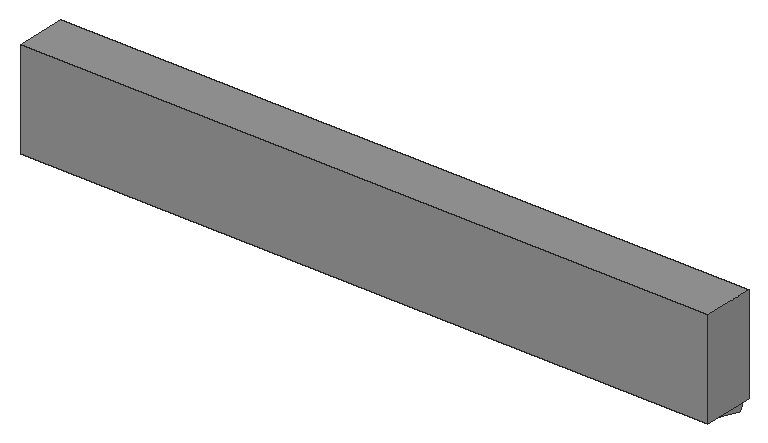
Revit family "Artemide_Sharp_WallWasher_SMD", category Lighting Fixtures, Revit 2018 (continued)
Types (84, lengths in mm): name | Wattage | V_2Optics | V_1Optic | TotalNumberOfOptics | built-in parameter 1150134 | Photometric Web File | NumberOfOptics | M_Housing | M_ExternalHousing | built-in parameter 1150105 | Lumens | built-in parameter 1150107 | built-in parameter 1150106 | URL to O&M Manual | Suitable for Dimming  | Suitable Dimmer Type | Product Model Number | Overall Length | Housing Colour  | Emit from Rectangle Width | Efficiency | built-in parameter 1150104 | ENEC Certification of European conformity | Distance_RightEndClosure | Colour Temperature | \u001fM_Louvre
  SharpWallWasherSMD_3opticunit_33W_3000K_DimmableDali_White/Black_AF83054 | 33 W | no | yes | 3 | (empty or 0) | "AF83054.IES" | 2 | Artemide_Aluminum_Black | Artemide_Aluminum_White | 1937.8 (stored number, unit not read) | 1756.59 lm | 3000 (stored number, unit not read) | 19.378 (stored number, unit not read) | "https://www.artemide.com/contents/documenti/prodotto/sharp_wallwasher_smd_instructions4863370.pdf" | "Y" | "DALI" | "AF83054" | 450 | "White/Black" | 445.2 | 60 | 4.9452 (stored number, unit not read) | "N" | 373.2 | 3000 | Artemide_Aluminum_Black
  SharpWallWasherSMD_3opticunit_33W_4000K_DimmableDali_White/Black_AF83154 | 33 W | no | yes | 3 | 12 | "AF83154.IES" | 2 | Artemide_Aluminum_Black | Artemide_Aluminum_White | 2073.6 (stored number, unit not read) | 1879.68 lm | 4000 (stored number, unit not read) | 20.736 (stored number, unit not read) | "https://www.artemide.com/contents/documenti/prodotto/sharp_wallwasher_smd_instructions4863370.pdf" | "Y" | "DALI" | "AF83154" | 450 | "White/Black" | 445.2 | 60 | 5.2918 (stored number, unit not read) | "N" | 373.2 | 4000 | Artemide_Aluminum_Black
  SharpWallWasherSMD_4opticunit_44W_3000K_White/White_AF86701 | 44 W | no | yes | 4 | (empty or 0) | "AF86701.IES" | 3 | Artemide_Aluminum_White | Artemide_Aluminum_White | 2746.9 (stored number, unit not read) | 2648.8 lm | 3000 (stored number, unit not read) | 27.469 (stored number, unit not read) | "https://www.artemide.com/contents/documenti/prodotto/sharp_wallwasher_smd_instructions4863354.pdf" | "N" | "-" | "AF86701" | 600 | "White/White" | 593.6 | 65 | 5.5928 (stored number, unit not read) | "Y" | 521.6 | 3000 | Artemide_Aluminum_White
  SharpWallWasherSMD_4opticunit_44W_4000K_White/White_AF86801 | 44 W | no | yes | 4 | 12 | "AF86801.IES" | 3 | Artemide_Aluminum_White | Artemide_Aluminum_White | 2578.6 (stored number, unit not read) | 2486.44 lm | 4000 (stored number, unit not read) | 25.786 (stored number, unit not read) | "https://www.artemide.com/contents/documenti/prodotto/sharp_wallwasher_smd_instructions4863354.pdf" | "N" | "-" | "AF86801" | 600 | "White/White" | 593.6 | 65 | 5.25 (stored number, unit not read) | "Y" | 521.6 | 4000 | Artemide_Aluminum_White
  SharpWallWasherSMD_4opticunit_44W_2700K_Black/Black_AF86604 | 44 W | no | yes | 4 | (empty or 0) | "AF86604.IES" | 3 | Artemide_Aluminum_Black | Artemide_Aluminum_Black | 2392.9 (stored number, unit not read) | 2307.36 lm | 2700 (stored number, unit not read) | 23.929 (stored number, unit not read) | "https://www.artemide.com/contents/documenti/prodotto/sharp_wallwasher_smd_instructions4863354.pdf" | "N" | "-" | "AF86604" | 600 | "Black/Black" | 593.6 | 60 | 4.8718 (stored number, unit not read) | "Y" | 521.6 | 2700 | Artemide_Aluminum_Black
  SharpWallWasherSMD_4opticunit_44W_3000K_Black/Black_AF86704 | 44 W | no | yes | 4 | (empty or 0) | "AF86704.IES" | 3 | Artemide_Aluminum_Black | Artemide_Aluminum_Black | 2711.9 (stored number, unit not read) | 2458.28 lm | 3000 (stored number, unit not read) | 27.119 (stored number, unit not read) | "https://www.artemide.com/contents/documenti/prodotto/sharp_wallwasher_smd_instructions4863354.pdf" | "N" | "-" | "AF86704" | 600 | "Black/Black" | 593.6 | 60 | 5.1905 (stored number, unit not read) | "Y" | 521.6 | 3000 | Artemide_Aluminum_Black
  SharpWallWasherSMD_4opticunit_44W_4000K_Black/Black_AF86804 | 44 W | no | yes | 4 | 12 | "AF86804.IES" | 3 | Artemide_Aluminum_Black | Artemide_Aluminum_Black | 2902.2 (stored number, unit not read) | 2630.76 lm | 4000 (stored number, unit not read) | 29.022 (stored number, unit not read) | "https://www.artemide.com/contents/documenti/prodotto/sharp_wallwasher_smd_instructions4863354.pdf" | "N" | "-" | "AF86804" | 600 | "Black/Black" | 593.6 | 60 | 5.5547 (stored number, unit not read) | "Y" | 521.6 | 4000 | Artemide_Aluminum_Black
  SharpWallWasherSMD_4opticunit_44W_2700K_Silver/Black_AF86605 | 44 W | no | yes | 4 | (empty or 0) | "AF86605.IES" | 3 | Artemide_Aluminum_Black | Artemide_Aluminum_BrushedSilver | 2545.4 (stored number, unit not read) | 2307.36 lm | 2700 (stored number, unit not read) | 25.454 (stored number, unit not read) | "https://www.artemide.com/contents/documenti/prodotto/sharp_wallwasher_smd_instructions4863354.pdf" | "N" | "-" | "AF86605" | 600 | "Silver/Black" | 593.6 | 60 | 4.8718 (stored number, unit not read) | "Y" | 521.6 | 2700 | Artemide_Aluminum_Black
  SharpWallWasherSMD_4opticunit_44W_3000K_Silver/Black_AF86705 | 44 W | no | yes | 4 | (empty or 0) | "AF86705.IES" | 3 | Artemide_Aluminum_Black | Artemide_Aluminum_BrushedSilver | 2711.9 (stored number, unit not read) | 2458.28 lm | 3000 (stored number, unit not read) | 27.119 (stored number, unit not read) | "https://www.artemide.com/contents/documenti/prodotto/sharp_wallwasher_smd_instructions4863354.pdf" | "N" | "-" | "AF86705" | 600 | "Silver/Black" | 593.6 | 60 | 5.1905 (stored number, unit not read) | "Y" | 521.6 | 3000 | Artemide_Aluminum_Black
  SharpWallWasherSMD_4opticunit_44W_4000K_Silver/Black_AF86805 | 44 W | no | yes | 4 | 12 | "AF86805.IES" | 3 | Artemide_Aluminum_Black | Artemide_Aluminum_BrushedSilver | 2902.2 (stored number, unit not read) | 2630.76 lm | 4000 (stored number, unit not read) | 29.022 (stored number, unit not read) | "https://www.artemide.com/contents/documenti/prodotto/sharp_wallwasher_smd_instructions4863354.pdf" | "N" | "-" | "AF86805" | 600 | "Silver/Black" | 593.6 | 60 | 5.5547 (stored number, unit not read) | "Y" | 521.6 | 4000 | Artemide_Aluminum_Black
  SharpWallWasherSMD_4opticunit_44W_2700K_White/Black_AF86654 | 44 W | no | yes | 4 | (empty or 0) | "AF86654.IES" | 3 | Artemide_Aluminum_Black | Artemide_Aluminum_White | 2545.4 (stored number, unit not read) | 2307.36 lm | 2700 (stored number, unit not read) | 25.454 (stored number, unit not read) | "https://www.artemide.com/contents/documenti/prodotto/sharp_wallwasher_smd_instructions4863354.pdf" | "N" | "-" | "AF86654" | 600 | "White/Black" | 593.6 | 60 | 4.8718 (stored number, unit not read) | "Y" | 521.6 | 2700 | Artemide_Aluminum_Black
  SharpWallWasherSMD_4opticunit_44W_3000K_White/Black_AF86754 | 44 W | no | yes | 4 | (empty or 0) | "AF86754.IES" | 3 | Artemide_Aluminum_Black | Artemide_Aluminum_White | 2711.9 (stored number, unit not read) | 2458.28 lm | 3000 (stored number, unit not read) | 27.119 (stored number, unit not read) | "https://www.artemide.com/contents/documenti/prodotto/sharp_wallwasher_smd_instructions4863354.pdf" | "N" | "-" | "AF86754" | 600 | "White/Black" | 593.6 | 60 | 5.1905 (stored number, unit not read) | "Y" | 521.6 | 3000 | Artemide_Aluminum_Black
  SharpWallWasherSMD_4opticunit_44W_4000K_White/Black_AF86854 | 44 W | no | yes | 4 | 12 | "AF86854.IES" | 3 | Artemide_Aluminum_Black | Artemide_Aluminum_White | 2902.2 (stored number, unit not read) | 2630.76 lm | 4000 (stored number, unit not read) | 29.022 (stored number, unit not read) | "https://www.artemide.com/contents/documenti/prodotto/sharp_wallwasher_smd_instructions4863354.pdf" | "N" | "-" | "AF86854" | 600 | "White/Black" | 593.6 | 60 | 5.5547 (stored number, unit not read) | "Y" | 521.6 | 4000 | Artemide_Aluminum_Black
  SharpWallWasherSMD_4opticunit_44W_2700K_DimmableDali_White/White_AF88001 | 44 W | no | yes | 4 | (empty or 0) | "AF88001.IES" | 3 | Artemide_Aluminum_White | Artemide_Aluminum_White | 2743 (stored number, unit not read) | 2486.44 lm | 2700 (stored number, unit not read) | 27.43 (stored number, unit not read) | "https://www.artemide.com/contents/documenti/prodotto/sharp_wallwasher_smd_instructions4863354.pdf" | "Y" | "DALI" | "AF88001" | 600 | "White/White" | 593.6 | 65 | 5.25 (stored number, unit not read) | "Y" | 521.6 | 2700 | Artemide_Aluminum_White
  SharpWallWasherSMD_4opticunit_44W_3000K_DimmableDali_White/White_AF88101 | 44 W | no | yes | 4 | (empty or 0) | "AF88101.IES" | 3 | Artemide_Aluminum_White | Artemide_Aluminum_White | 2746.9 (stored number, unit not read) | 2648.8 lm | 3000 (stored number, unit not read) | 27.469 (stored number, unit not read) | "https://www.artemide.com/contents/documenti/prodotto/sharp_wallwasher_smd_instructions4863354.pdf" | "Y" | "DALI" | "AF88101" | 600 | "White/White" | 593.6 | 65 | 5.5928 (stored number, unit not read) | "Y" | 521.6 | 3000 | Artemide_Aluminum_White
  SharpWallWasherSMD_4opticunit_44W_4000K_DimmableDali_White/White_AF88201 | 44 W | no | yes | 4 | 12 | "AF88201.IES" | 3 | Artemide_Aluminum_White | Artemide_Aluminum_White | 2578.6 (stored number, unit not read) | 2486.44 lm | 4000 (stored number, unit not read) | 25.786 (stored number, unit not read) | "https://www.artemide.com/contents/documenti/prodotto/sharp_wallwasher_smd_instructions4863354.pdf" | "Y" | "DALI" | "AF88201" | 600 | "White/White" | 593.6 | 65 | 5.25 (stored number, unit not read) | "Y" | 521.6 | 4000 | Artemide_Aluminum_White
  SharpWallWasherSMD_4opticunit_44W_2700K_DimmableDali_Black/Black_AF88004 | 44 W | no | yes | 4 | (empty or 0) | "AF88004.IES" | 3 | Artemide_Aluminum_Black | Artemide_Aluminum_Black | 2392.9 (stored number, unit not read) | 2307.36 lm | 2700 (stored number, unit not read) | 23.929 (stored number, unit not read) | "https://www.artemide.com/contents/documenti/prodotto/sharp_wallwasher_smd_instructions4863354.pdf" | "Y" | "DALI" | "AF88004" | 600 | "Black/Black" | 593.6 | 60 | 4.8718 (stored number, unit not read) | "Y" | 521.6 | 2700 | Artemide_Aluminum_Black
  SharpWallWasherSMD_4opticunit_44W_3000K_DimmableDali_Black/Black_AF88104 | 44 W | no | yes | 4 | (empty or 0) | "AF88104.IES" | 3 | Artemide_Aluminum_Black | Artemide_Aluminum_Black | 2711.9 (stored number, unit not read) | 2458.28 lm | 3000 (stored number, unit not read) | 27.119 (stored number, unit not read) | "https://www.artemide.com/contents/documenti/prodotto/sharp_wallwasher_smd_instructions4863354.pdf" | "Y" | "DALI" | "AF88104" | 600 | "Black/Black" | 593.6 | 60 | 5.1905 (stored number, unit not read) | "Y" | 521.6 | 3000 | Artemide_Aluminum_Black
  SharpWallWasherSMD_4opticunit_44W_4000K_DimmableDali_Black/Black_AF88204 | 44 W | no | yes | 4 | 12 | "AF88204.IES" | 3 | Artemide_Aluminum_Black | Artemide_Aluminum_Black | 2902.2 (stored number, unit not read) | 2630.76 lm | 4000 (stored number, unit not read) | 29.022 (stored number, unit not read) | "https://www.artemide.com/contents/documenti/prodotto/sharp_wallwasher_smd_instructions4863354.pdf" | "Y" | "DALI" | "AF88204" | 600 | "Black/Black" | 593.6 | 60 | 5.5547 (stored number, unit not read) | "Y" | 521.6 | 4000 | Artemide_Aluminum_Black
  SharpWallWasherSMD_4opticunit_44W_2700K_DimmableDali_Silver/Black_AF88005 | 44 W | no | yes | 4 | (empty or 0) | "AF88005.IES" | 3 | Artemide_Aluminum_Black | Artemide_Aluminum_BrushedSilver | 2545.4 (stored number, unit not read) | 2307.36 lm | 2700 (stored number, unit not read) | 25.454 (stored number, unit not read) | "https://www.artemide.com/contents/documenti/prodotto/sharp_wallwasher_smd_instructions4863354.pdf" | "Y" | "DALI" | "AF88005" | 600 | "Silver/Black" | 593.6 | 60 | 4.8718 (stored number, unit not read) | "Y" | 521.6 | 2700 | Artemide_Aluminum_Black
  SharpWallWasherSMD_4opticunit_44W_3000K_DimmableDali_Silver/Black_AF88105 | 44 W | no | yes | 4 | (empty or 0) | "AF88105.IES" | 3 | Artemide_Aluminum_Black | Artemide_Aluminum_BrushedSilver | 2711.9 (stored number, unit not read) | 2458.28 lm | 3000 (stored number, unit not read) | 27.119 (stored number, unit not read) | "https://www.artemide.com/contents/documenti/prodotto/sharp_wallwasher_smd_instructions4863354.pdf" | "Y" | "DALI" | "AF88105" | 600 | "Silver/Black" | 593.6 | 60 | 5.1905 (stored number, unit not read) | "Y" | 521.6 | 3000 | Artemide_Aluminum_Black
  SharpWallWasherSMD_4opticunit_44W_4000K_DimmableDali_Silver/Black_AF88205 | 44 W | no | yes | 4 | 12 | "AF88205.IES" | 3 | Artemide_Aluminum_Black | Artemide_Aluminum_BrushedSilver | 2902.2 (stored number, unit not read) | 2630.76 lm | 4000 (stored number, unit not read) | 29.022 (stored number, unit not read) | "https://www.artemide.com/contents/documenti/prodotto/sharp_wallwasher_smd_instructions4863354.pdf" | "Y" | "DALI" | "AF88205" | 600 | "Silver/Black" | 593.6 | 60 | 5.5547 (stored number, unit not read) | "Y" | 521.6 | 4000 | Artemide_Aluminum_Black
  SharpWallWasherSMD_4opticunit_44W_2700K_DimmableDali_White/Black_AF88054 | 44 W | no | yes | 4 | (empty or 0) | "AF88054.IES" | 3 | Artemide_Aluminum_Black | Artemide_Aluminum_White | 2545.4 (stored number, unit not read) | 2307.36 lm | 2700 (stored number, unit not read) | 25.454 (stored number, unit not read) | "https://www.artemide.com/contents/documenti/prodotto/sharp_wallwasher_smd_instructions4863354.pdf" | "Y" | "DALI" | "AF88054" | 600 | "White/Black" | 593.6 | 60 | 4.8718 (stored number, unit not read) | "Y" | 521.6 | 2700 | Artemide_Aluminum_Black
  SharpWallWasherSMD_4opticunit_44W_3000K_DimmableDali_White/Black_AF88154 | 44 W | no | yes | 4 | (empty or 0) | "AF88154.IES" | 3 | Artemide_Aluminum_Black | Artemide_Aluminum_White | 2711.9 (stored number, unit not read) | 2458.28 lm | 3000 (stored number, unit not read) | 27.119 (stored number, unit not read) | "https://www.artemide.com/contents/documenti/prodotto/sharp_wallwasher_smd_instructions4863354.pdf" | "Y" | "DALI" | "AF88154" | 600 | "White/Black" | 593.6 | 60 | 5.1905 (stored number, unit not read) | "Y" | 521.6 | 3000 | Artemide_Aluminum_Black
  SharpWallWasherSMD_4opticunit_44W_4000K_DimmableDali_White/Black_AF88254 | 44 W | no | yes | 4 | 12 | "AF88254.IES" | 3 | Artemide_Aluminum_Black | Artemide_Aluminum_White | 2902.2 (stored number, unit not read) | 2630.76 lm | 4000 (stored number, unit not read) | 29.022 (stored number, unit not read) | "https://www.artemide.com/contents/documenti/prodotto/sharp_wallwasher_smd_instructions4863354.pdf" | "Y" | "DALI" | "AF88254" | 600 | "White/Black" | 593.6 | 60 | 5.5547 (stored number, unit not read) | "Y" | 521.6 | 4000 | Artemide_Aluminum_Black
